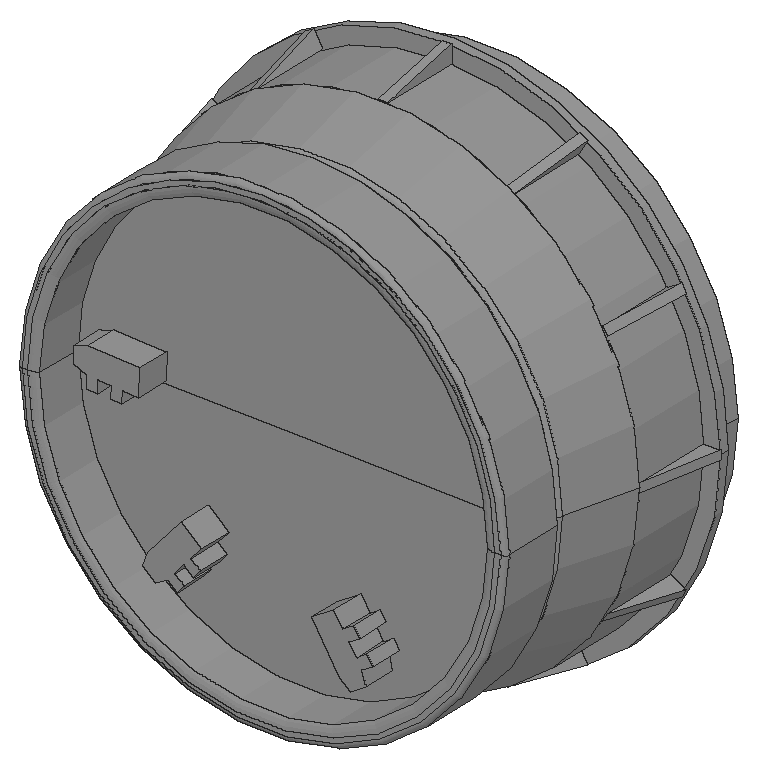
Revit family "DC NFXI BS W", category Fire Alarm Devices, Revit 2014
Parameters (values of type "Notifier by Honeywell Opal Addressable Base Sounder NXFI-BS-W")
  Zone number = ""
  URL = "www.notifierfiresystems.co.uk"
  Type Comments = "Opal Addressable Base Sounder"
  Tel No. = "+44 (0) 1273 897000"
  Product Code = "NXFI-BS-W"
  Model = "Base Sounder"
  Manufacturer = "Notifier by Honeywell"
  Loop number = ""
  Fax No. = "+44 (0) 1273 376894"
  Email = "sales@notifierfiresystems.co.uk"
  Detector number = ""
  Description = "Addressable Base Sounder / Beacon"
  Control Panel name = ""
  Assembly Code = "D4090900"
  Address line 1 = "Caburn House, Brooks Road, Lewes, E. Sussex BN7 2BY, UK"
Reference planes
  plane 1 "Center (Front/Back)": y = 0
  plane 2: z = 0
  plane 3 "Center (Left/Right)": x = 0
  plane 4: y = -0.006
Forms (mm)
  Revolve 1, solid, material "UHMW, White"
    sketch origin (0, 0, 0) x (1, 0, 0) y (0, 1, 0)
      loop
        line (-61.419, -10.006) -> (-61.419, -12.006) -> (-57.581, -12.006) -> (-57.581, -29.929)
        arc (-57.581, -29.929) -> (-55.828, -38.179) -> (-53.515, -46.29) r 123.407
        arc (-53.515, -46.29) -> (-53.152, -46.863) -> (-52.579, -47.226) r 1.553
        line (-52.579, -47.226) -> (-47.236, -47.226) -> (-47.236, -49.629) -> (-54.817, -49.629) -> (-54.817, -62.964)
        arc (-54.817, -62.964) -> (-54.402, -63.71) -> (-53.601, -64.006) r 1.231
        line (-53.601, -64.006) -> (-52.47, -64.006)
        arc (-52.47, -64.006) -> (-51.287, -63.825) -> (-50.205, -63.314) r 4.145
        line (-50.205, -63.314) -> (-50.205, -52.818) -> (0, -52.818) -> (0, -10.006) -> (-61.419, -10.006)
      axis (0, -10.006) -> (0, -64.006)
    angle from 0 to 360
  Revolve 2, solid, material "UHMW, White"
    sketch origin (0, 10, 0) x (1, 0, 0) y (0, 1, 0)
      loop
        line (-55.638, -10.006) -> (-54.958, -17.538)
        arc (-54.958, -17.538) -> (-53.926, -19.308) -> (-51.999, -20.006) r 3.007
        line (-51.999, -20.006) -> (0, -20.006) -> (0, -10.006) -> (-55.638, -10.006)
      axis (0, -10.006) -> (0, -20.006)
    angle from 0 to 360
  Extrusion 3, solid, material "UHMW, White"
    sketch origin (0, 0, 0) x (1, 0, 0) y (0, 0, 1)
      loop
        line (-30.423, 0.541) -> (-30.242, 6.487) -> (-42.02, 6.845) -> (-45.048, 5.846) -> (-45.163, 2.08) -> (-42.201, 0.899) -> (-42.285, -1.857) -> (-39.826, -1.932) -> (-39.742, 0.824) -> (-36.641, 0.73) -> (-36.725, -2.026) -> (-34.266, -2.101) -> (-34.182, 0.655) -> (-30.423, 0.541)
      loop
        line (-16.3, -24.876) -> (-20.824, -21.013) -> (-28.475, -29.975) -> (-29.592, -32.961) -> (-26.726, -35.408) -> (-23.951, -33.837) -> (-21.855, -35.627) -> (-20.257, -33.757) -> (-22.354, -31.967) -> (-20.339, -29.607) -> (-18.243, -31.397) -> (-16.645, -29.526) -> (-18.742, -27.736) -> (-16.3, -24.876)
      loop
        line (13.308, -26.753) -> (8.291, -29.951) -> (14.624, -39.888) -> (17.154, -41.828) -> (20.332, -39.803) -> (19.641, -36.691) -> (21.966, -35.209) -> (20.644, -33.135) -> (18.319, -34.616) -> (16.652, -32) -> (18.976, -30.518) -> (17.654, -28.444) -> (15.33, -29.925) -> (13.308, -26.753)
    from 52.818 to 60.286
  Extrusion 4, solid, material "UHMW, White"
    sketch origin (0, 0, 0) x (1, 0, 0) y (0, 1, 0)
      loop
        line (-59.419, -12.006) -> (-61.419, -12.006) -> (-57.581, -29.929) -> (-57.581, -12.006) -> (-59.419, -12.006)
    from -1 to 1
  Extrusion 5, solid, material "UHMW, White"
    sketch origin (0, 0, 0) x (-0.5, 0, 0.866025) y (0, -1, 0)
      loop
        line (-59.419, 12.006) -> (-57.581, 12.006) -> (-57.581, 29.929) -> (-61.419, 12.006) -> (-59.419, 12.006)
    from -1 to 1
  Extrusion 6, solid, material "UHMW, White"
    sketch origin (0, 0, 0) x (0.5, 0, 0.866025) y (0, 1, 0)
      loop
        line (-59.419, -12.006) -> (-61.419, -12.006) -> (-57.581, -29.929) -> (-57.581, -12.006) -> (-59.419, -12.006)
    from -1 to 1
  Extrusion 7, solid, material "UHMW, White"
    sketch origin (0, 0, 0) x (0, 0, 1) y (0, -1, 0)
      loop
        line (-59.419, 12.006) -> (-57.581, 12.006) -> (-57.581, 29.929) -> (-61.419, 12.006) -> (-59.419, 12.006)
    from -1 to 1
  Extrusion 8, solid, material "UHMW, White"
    sketch origin (0, 0, 0) x (0.866025, 0, 0.5) y (0, -1, 0)
      loop
        line (-59.419, 12.006) -> (-57.581, 12.006) -> (-57.581, 29.929) -> (-61.419, 12.006) -> (-59.419, 12.006)
    from -1 to 1
  Extrusion 9, solid, material "UHMW, White"
    sketch origin (0, 0, 0) x (0, 0, -1) y (0, -1, 0)
      loop
        line (-59.419, 12.006) -> (-57.581, 12.006) -> (-57.581, 29.929) -> (-61.419, 12.006) -> (-59.419, 12.006)
    from -1 to 1
  Extrusion 10, solid, material "UHMW, White"
    sketch origin (0, 0, 0) x (-0.866025, 0, -0.5) y (0, -1, 0)
      loop
        line (-59.419, 12.006) -> (-57.581, 12.006) -> (-57.581, 29.929) -> (-61.419, 12.006) -> (-59.419, 12.006)
    from -1 to 1
  Extrusion 11, solid, material "UHMW, White"
    sketch origin (0, 0, 0) x (0, 1, 0) y (-1, 0, 0)
      loop
        line (-12.006, -59.419) -> (-12.006, -57.581) -> (-29.929, -57.581) -> (-12.006, -61.419) -> (-12.006, -59.419)
    from -1 to 1
  Extrusion 12, solid, material "UHMW, White"
    sketch origin (0, 0, 0) x (-0.5, 0, -0.866025) y (0, 1, 0)
      loop
        line (-59.419, -12.006) -> (-61.419, -12.006) -> (-57.581, -29.929) -> (-57.581, -12.006) -> (-59.419, -12.006)
    from -1 to 1
  Extrusion 13, solid, material "UHMW, White"
    sketch origin (0, 0, 0) x (0, 0, -1) y (0, 1, 0)
      loop
        line (-59.419, -12.006) -> (-61.419, -12.006) -> (-57.581, -29.929) -> (-57.581, -12.006) -> (-59.419, -12.006)
    from -1 to 1
  Extrusion 14, solid, material "UHMW, White"
    sketch origin (0, 0, 0) x (0.866025, 0, -0.5) y (0, 1, 0)
      loop
        line (-59.419, -12.006) -> (-61.419, -12.006) -> (-57.581, -29.929) -> (-57.581, -12.006) -> (-59.419, -12.006)
    from -1 to 1
  Extrusion 15, solid, material "UHMW, White"
    sketch origin (0, 0, 0) x (0, -1, 0) y (1, 0, 0)
      loop
        line (12.006, -59.419) -> (12.006, -61.419) -> (29.929, -57.581) -> (12.006, -57.581) -> (12.006, -59.419)
    from -1 to 1
  Extrusion 16, solid, material "UHMW, White"
    sketch origin (0, 0, 0) x (0.5, 0, -0.866025) y (0, -1, 0)
      loop
        line (-59.419, 12.006) -> (-57.581, 12.006) -> (-57.581, 29.929) -> (-61.419, 12.006) -> (-59.419, 12.006)
    from -1 to 1
  Extrusion 17, solid, material "UHMW, White"
    sketch origin (0, 0, 0) x (-0.866025, 0, 0.5) y (0, 1, 0)
      loop
        line (-59.419, -12.006) -> (-61.419, -12.006) -> (-57.581, -29.929) -> (-57.581, -12.006) -> (-59.419, -12.006)
    from -1 to 1
Lines and regions (mm)
  symbolic lines
    curve 1: circle (0, -100.006, 0) r 100 normal (0, 0, 1)
    curve 2: circle (0, -100.006, 0) r 40 normal (0, 0, 1)
